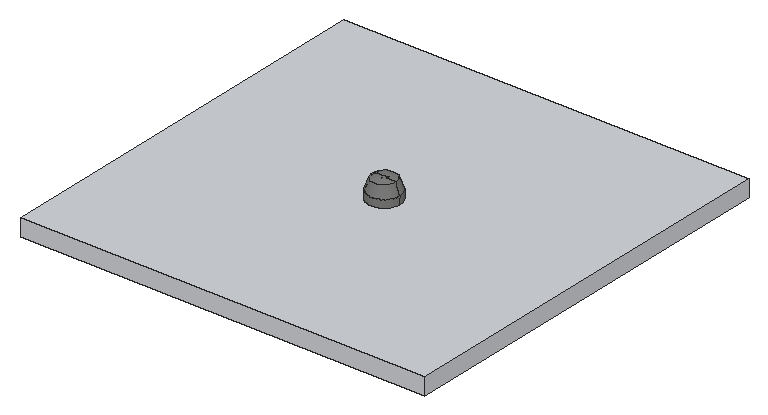
Revit family
Parameters (values of type "4"")
  URL = "WWW.MIFAB.COM"
  Roof Drain = Roof Drain
  Pipe Radius = 2.000"
  Pipe Diameter = Pipe Radius * 2  # 4.000"
  Model = "R1200-G"
  Manufacturer = "MIFAB"
  Description = "LARGE SUMP ROOF DRAIN WITH BALLAST GUARD FOR I.R.M.A. ROOFS"
  Default Elevation = 48.000"
Types (4): name | Pipe Radius | Pipe Diameter
  (no name) | 2.000" | 4.000"
  2" | 1.000" | 2.000"
  3" | 1.500" | 3.000"
  4" | 2.000" | 4.000"
Reference planes (in)
  plane 1 "Center (Front/Back)": y = 0
  plane 2: z = 0
  plane 3 "Center (Left/Right)": x = 0
  plane 4: x = 1.2
  plane 5: x = 1
  plane 6: z = -4.00327
  plane 7: z = 4.875
  plane 8: x = -3.75
  plane 9: x = 3.75
  plane 10: x = 1.7
  plane 11: x = 1.5
  plane 12: x = 2.2
  plane 13: x = 2
  plane 14: z = -0.30758
  plane 15: z = 0.77428
  plane 16: z = 1.85613
  plane 17: z = 2.93799
Forms (in)
  Extrusion 1, solid
    sketch origin (0, 0, 0) x (1, 0, 0) y (0, 1, 0)
      loop
        line (-48, 48) -> (-48, -48) -> (48, -48) -> (48, 48) -> (-48, 48)
    from 0 to -4
  Revolve 2, solid, material "Roof Drain" <- "Roof Drain"
    sketch origin (0, 0, 0) x (1, 0, 0) y (0, 0, 1)
      loop
        line (2, 0.77428) -> (2, -0.30758) -> (2.2, -0.30758) -> (2.2, 0.96167) -> (1.7, 0.96167) -> (1.7, 2.01) -> (1.2, 2.01) -> (1.2, 3.13646) -> (0.82294, 3.13646) -> (0.82294, 4.64157)
        arc (0.82294, 4.64157) -> (1.7478, 4.50173) -> (2.65203, 4.2624) r 8.6106
        line (2.65203, 4.2624) -> (3.55, 1.82266) -> (3.55, 0) -> (3.75, 0) -> (3.75, 1.85613) -> (2.80886, 4.42125)
        arc (2.80886, 4.42125) -> (1.42312, 4.76529) -> (0, 4.88098) r 8.8106
        line (0, 4.88098) -> (0, 4.43799) -> (0.64254, 4.43799) -> (0.64254, 2.93799) -> (1, 2.93799) -> (1, 1.85613) -> (1.5, 1.85613) -> (1.5, 0.77428) -> (2, 0.77428)
      axis (0, -0.30758) -> (0, 4.88098)
    angle from 0 to 360
  Extrusion 3, void
    sketch origin (0, 0, 0) x (1, 0, 0) y (0, 1, 0)
      loop
        line (-0.4, 0.4) -> (-0.4, 2.85224)
        arc (-0.4, 2.85224) -> (-2.03658, 2.03658) -> (-2.85224, 0.4) r 2.88015
        line (-2.85224, 0.4) -> (-0.4, 0.4)
      loop
        line (0.4, 0.4) -> (2.85224, 0.4)
        arc (2.85224, 0.4) -> (2.03658, 2.03658) -> (0.4, 2.85224) r 2.88015
        line (0.4, 2.85224) -> (0.4, 0.4)
      loop
        line (-0.4, -0.4) -> (-2.85224, -0.4)
        arc (-2.85224, -0.4) -> (-2.03658, -2.03658) -> (-0.4, -2.85224) r 2.88015
        line (-0.4, -2.85224) -> (-0.4, -0.4)
      loop
        line (0.4, -0.4) -> (0.4, -2.85224)
        arc (0.4, -2.85224) -> (2.03658, -2.03658) -> (2.85224, -0.4) r 2.88015
        line (2.85224, -0.4) -> (0.4, -0.4)
    from 0.24912 to 3.13646
Cuts and joins
  Extrusion 3 cuts Revolve 2
Dimensions and locks (in)
  plane 5 to plane 3 "Center (Left/Right)" = 1.000"
  locked: plane 4 to plane 5 at 0.2
  plane 7 to level = 4.875"
  equal spacing: plane 8, plane 3 "Center (Left/Right)", plane 9
  plane 8 to plane 9 = 7.500"
  locked: plane 10 to plane 11 at 0.2
  locked: plane 12 to plane 13 at 0.2
  plane 11 to plane 3 "Center (Left/Right)" = 1.500"
  plane 13 to plane 3 "Center (Left/Right)" = 2.000"
  equal spacing: plane 17, plane 16, plane 15, plane 14
  locked: level to plane 14 at 0.30758
  aligned and locked: plane 2 to Extrusion 1
  aligned and locked: level to Extrusion 1
  aligned and locked: plane 3 "Center (Left/Right)" to Revolve 2 sketch curve  (x2)
  aligned and locked: Revolve 2 sketch curve to plane 13
  aligned and locked: Revolve 2 sketch curve to plane 15
  aligned and locked: Revolve 2 sketch curve to plane 11
  aligned and locked: Revolve 2 sketch curve to plane 16
  aligned and locked: Revolve 2 sketch curve to plane 5
  aligned and locked: Revolve 2 sketch curve to plane 17
  aligned and locked: Revolve 2 sketch curve to plane 14
  aligned and locked: Revolve 2 sketch curve to plane 12
  aligned and locked: Revolve 2 sketch curve to plane 10
  aligned and locked: Revolve 2 sketch curve to plane 4
Automatic sketch dimensions
  Extrusion 1 sketch curve to Extrusion 1 sketch curve = 96.000"  (x2)
  Revolve 2 sketch curve to Revolve 2 sketch curve = 0.000"  (x2)
  Revolve 2 sketch curve to level = 0.000"
  Revolve 2 sketch curve to plane 9 = 0.000"
  Revolve 2 sketch curve to plane 16 = 0.000"
  Revolve 2 sketch curve to plane 5 = 0.35746"
  Revolve 2 sketch curve to plane 5 = 0.17706"
  plane 12 to Revolve 2 sketch curve = 0.45203"
  Revolve 2 sketch curve to Revolve 2 sketch curve = 0.15683"
  Revolve 2 sketch curve to plane 16 = 0.03347"
  Revolve 2 sketch curve to plane 9 = 0.200"
  Revolve 2 sketch curve to plane 6 = 0.07365"
  plane 15 to Revolve 2 sketch curve = 0.18739"
  plane 16 to Revolve 2 sketch curve = 0.15387"
  plane 17 to Revolve 2 sketch curve = 0.19847"
  Revolve 2 sketch curve to plane 7 = 0.6126"
  Revolve 2 sketch curve to Revolve 2 sketch curve = 0.15885"
  Revolve 2 sketch curve to Revolve 2 sketch curve = 0.20358"
  Revolve 2 sketch curve to Revolve 2 sketch curve = 0.49402"
  Revolve 2 sketch curve to Revolve 2 sketch curve = 0.500"
  Extrusion 3 sketch curve to Extrusion 3 sketch curve = 0.000"  (x14)
  plane 1 "Center (Front/Back)" to Extrusion 3 sketch curve = 0.000"
  Extrusion 3 sketch curve to plane 3 "Center (Left/Right)" = 0.000"
  Extrusion 3 sketch curve to plane 3 "Center (Left/Right)" = 0.400"  (x2)
  plane 1 "Center (Front/Back)" to Extrusion 3 sketch curve = 0.400"
  Extrusion 3 sketch curve to plane 8 = 0.89776"
  plane 3 "Center (Left/Right)" to Extrusion 3 sketch curve = 0.400"  (x2)
  plane 12 to Extrusion 3 sketch curve = 0.65224"  (x2)
  Extrusion 3 sketch curve to plane 1 "Center (Front/Back)" = 0.400"  (x2)
Connectors (in)
  piping at (0, 0, -0.30758), driven by "Pipe Radius"
    settings: on cut or joined group of Revolve 2, Extrusion 3, index 1, connector radius 2", flow factor 0, pipe flow 0 GPM, pressure drop 0.00 psi, fitting loss kfactor 0, connector angle 0.00°, fixture units 0, flow configuration 0, flow direction 0, fitting loss method 0, system type 16, connector reference index -1, connector utility 0, adjustable connector no, is connector primary yes, fitting loss table "", connector description ""
